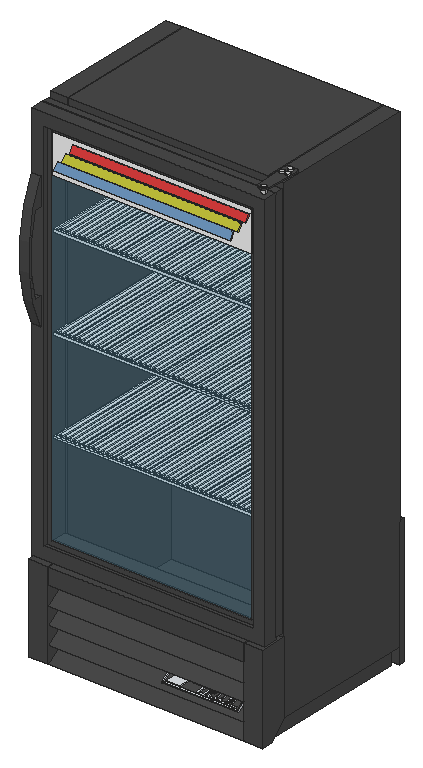
Revit family "QF_TRUE_GDM-10SSL-HC~TSL01", category Specialty Equipment, Revit 2016 (continued)
Definition of nested family "GDM-10-58-HC-TSL01"
  Definition of nested family "QF_LOGO_TRUE"
    Forms (in)
      Extrusion 5, solid, not visible
        sketch origin (121.45701, -16.5, 4.98235) x (1, 0, 0) y (0, 0, 1)
          loop
            arc (25.79459, 34.9604) -> (25.7275, 34.98819) -> (25.69972, 35.05528) r 0.09488
            arc (25.69972, 35.05528) -> (25.71867, 35.12629) -> (25.77049, 35.17841) r 0.1425
            line (25.77049, 35.17841) -> (25.73665, 35.18748)
            arc (25.73665, 35.18748) -> (25.67632, 35.09876) -> (25.66924, 34.99171) r 0.20432
            arc (25.66924, 34.99171) -> (25.71443, 34.9227) -> (25.79473, 34.90384) r 0.11116
            arc (25.79473, 34.90384) -> (25.91172, 34.89904) -> (26.02716, 34.91862) r 0.56145
            arc (26.02716, 34.91862) -> (26.27675, 35.021) -> (26.49584, 35.17841) r 1.15683
            line (26.49584, 35.17841) -> (26.35412, 35.17841)
        from 31.54261 to 31.56272
    Dimensions and locks (in)
      aligned and locked: level to plane 2
      aligned and locked: Extrusion 2 to Extrusion 3  (x2)
      aligned and locked: Extrusion 2 sketch curve to Extrusion 3
Definition of nested family "2.5 INCHES_CASTER"
  Parameters (values of type "2.5 INCHES_CASTER")
    Weight = ""
    URL Manufacturer = ""
    URL Cutsheet = ""
    URL = ""
    Type Mark [instance] = ""
    Specification by User [instance] = ""
    Specification by Manufacturer = ""
    Serial Number = ""
    Seismic Rating = ""
    SMACNA No = ""
    Revision Code [instance] = ""
    Omniclass Number and Title = ""
    NAFEM Spec ID Number = ""
    Model = ""
    MasterSpec. = ""
    Manufacturer = ""
    Item Number [instance] = ""
    Installed By [instance] = ""
    Identify Quantity as Lot [instance] = yes
    Furnished By [instance] = ""
    Foodservice Equipment Identifier [instance] = yes
    Description = ""
    CSI MasterFormat = ""
    CSI Master Format = ""
    Assembly Code = ""
    2.5 Inches Caster [instance] = yes
  Reference planes (in)
    plane 1: z = 0
    plane 2 "RIGHT": x = 0
    plane 3 "FRONT": y = 0
    plane 4 "TOP": z = 2.5
  Forms (in)
    Revolve 1, solid, visible <- "2.5 Inches Caster"
      sketch origin (-1.93794, 0.83816, -1.0041) x (1, 0, 0) y (0, 0, 1)
        loop
          line (0.74055, 1.92597) -> (0.74055, 1.85047) -> (0.79055, 1.80047) -> (0.85055, 1.80047) -> (0.85055, 1.6804) -> (1.235, 1.6804) -> (1.235, 1.61305) -> (1.38673, 1.52545) -> (1.4003, 1.4416) -> (1.34375, 1.4416) -> (1.34375, 1.3166) -> (1.375, 1.3166) -> (1.375, 1.0041) -> (2.48438, 1.0041) -> (2.48438, 1.3166) -> (2.51563, 1.3166) -> (2.51563, 1.4416) -> (2.45908, 1.4416) -> (2.47322, 1.52897) -> (2.62438, 1.61624) -> (2.62438, 1.6804) -> (3.04007, 1.6804) -> (3.04007, 1.80047) -> (3.10007, 1.80047) -> (3.15007, 1.85047) -> (3.15007, 1.92597) -> (0.74055, 1.92597)
        axis (0.74055, 1.92597) -> (3.15007, 1.92597)
      angle from 0 to 360
    Extrusion 2, solid, visible <- "2.5 Inches Caster"
      sketch origin (-1.93794, 1.80294, -3.2541) x (0, 1, 0) y (0, 0, 1)
        loop
          line (-0.64294, 5.43229) -> (-0.64294, 5.55298) -> (-2.21294, 5.55298) -> (-2.21294, 5.30272) -> (-1.81966, 5.30272)
          arc (-1.81966, 5.30272) -> (-1.13638, 5.20789) -> (-0.46376, 5.05475) r 8.02767
          arc (-0.46376, 5.05475) -> (-0.19511, 4.95469) -> (0.05138, 4.80832) r 1.60049
          line (0.05138, 4.80832) -> (0.12713, 4.91318)
          arc (0.12713, 4.91318) -> (-0.07255, 5.06376) -> (-0.29048, 5.18644) r 1.8753
          line (-0.29048, 5.18644) -> (-0.22239, 5.30423)
          arc (-0.22239, 5.30423) -> (-0.42776, 5.38437) -> (-0.64294, 5.43229) r 1.44292
      from 1.17357 to 2.70231
    Revolve 3, solid, visible <- "2.5 Inches Caster"
      sketch origin (0, 2.10856, -3.75) x (0, 1, 0) y (0, 0, 1)
        loop
          line (-1.73858, 6.25) -> (-1.73858, 6.04889) -> (-1.05793, 6.04889) -> (-1.05793, 6.25) -> (-1.73858, 6.25)
        axis (-1.73858, 6.04889) -> (-1.73858, 6.25)
      angle from 0 to 360
    Extrusion 4, solid, visible <- "2.5 Inches Caster"
      sketch origin (-1.98481, 1.80294, -1.7541) x (0, 1, 0) y (0, 0, 1)
        loop
          line (-2.21294, 4.05298) -> (-2.21294, 3.80272) -> (-2.13999, 3.80272)
          arc (-2.13999, 3.80272) -> (-1.62379, 3.51899) -> (-1.39241, 2.97729) r 0.90292
          arc (-1.39241, 2.97729) -> (-1.36136, 2.78161) -> (-1.29729, 2.59413) r 1.15385
          arc (-1.29729, 2.59413) -> (-0.94802, 2.37355) -> (-0.6121, 2.61396) r 0.37001
          arc (-0.6121, 2.61396) -> (-0.59625, 2.66241) -> (-0.58446, 2.712) r 0.61695
          arc (-0.58446, 2.712) -> (-0.36134, 3.11665) -> (0.05609, 3.31484) r 0.75313
          line (0.05609, 3.31484) -> (0.12713, 3.41318)
          arc (0.12713, 3.41318) -> (-0.07255, 3.56376) -> (-0.29048, 3.68644) r 1.8753
          line (-0.29048, 3.68644) -> (-0.22239, 3.80423)
          arc (-0.22239, 3.80423) -> (-0.42776, 3.88437) -> (-0.64294, 3.93229) r 1.44292
          line (-0.64294, 3.93229) -> (-0.64294, 4.05298) -> (-2.21294, 4.05298)
      from 2.74918 to 2.90825
    Extrusion 5, solid, visible <- "2.5 Inches Caster"
      sketch origin (1.98481, 1.80294, -1.7541) x (0, 1, 0) y (0, 0, -1)
        loop
          line (-2.21294, -4.05298) -> (-0.64294, -4.05298) -> (-0.64294, -3.93229)
          arc (-0.64294, -3.93229) -> (-0.42776, -3.88437) -> (-0.22239, -3.80423) r 1.44292
          line (-0.22239, -3.80423) -> (-0.29048, -3.68644)
          arc (-0.29048, -3.68644) -> (-0.07255, -3.56376) -> (0.12713, -3.41318) r 1.8753
          line (0.12713, -3.41318) -> (0.05609, -3.31484)
          arc (0.05609, -3.31484) -> (-0.36134, -3.11665) -> (-0.58446, -2.712) r 0.75313
          arc (-0.58446, -2.712) -> (-0.59625, -2.66241) -> (-0.6121, -2.61396) r 0.61695
          arc (-0.6121, -2.61396) -> (-0.94802, -2.37355) -> (-1.29729, -2.59413) r 0.37001
          arc (-1.29729, -2.59413) -> (-1.36136, -2.78161) -> (-1.39241, -2.97729) r 1.15385
          arc (-1.39241, -2.97729) -> (-1.62379, -3.51899) -> (-2.13999, -3.80272) r 0.90292
          line (-2.13999, -3.80272) -> (-2.21294, -3.80272) -> (-2.21294, -4.05298)
      from 2.74918 to 2.90825
  Lines and regions (in)
    symbolic lines, visible <- "2.5 Inches Caster"
      curve 1: line (0.10651, 1.96132, 0) -> (0.80944, 1.55548, 0)
      curve 2: line (-0.89349, 0.22927, 0) -> (0.10651, 1.96132, 0)
      curve 3: line (-0.19056, -0.17657, 0) -> (-0.89349, 0.22927, 0)
      curve 4: line (0.80944, 1.55548, 0) -> (-0.19056, -0.17657, 0)
  Dimensions and locks (in)
    plane 4 "TOP" to level = 2 1/2"  (x2)
    aligned and locked: level to plane 1
